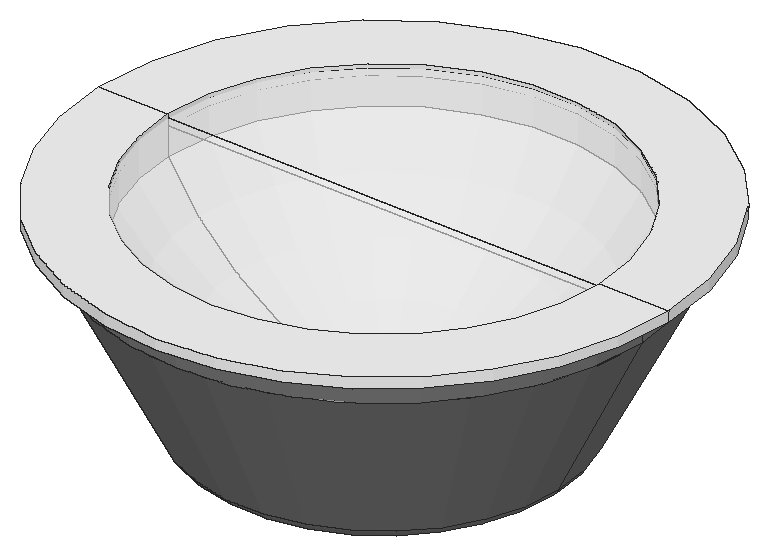
Revit family "30526", category Lighting Fixtures, host Face, Revit 2018
Family settings
  Host = Face
  Round Connector Dimension = Use Diameter
  Part Type = Normal
  OmniClass Number = 23.80.70.00
  OmniClass Title = Lighting
  Cut with Voids When Loaded = No
  Light Source = Yes
  Shared = No
  Room Calculation Point = No
Parameters (values of type "0030526 INSAVER SLIM UGR19 IP44 205 2100LM 930")
  WidthBezel_SYL = if(Size1_SYL, 20 mm, if(Size2_SYL, 20 mm, if(Size3PIR_SYL, 30 mm, if(Size4_SYL, 20 mm, 20 mm))))  # 20 mm
  Weight = "n/a"
  Wattage Comments = ""
  Wattage = 12 W
  WarrantyStartDate [instance] = "n/a"
  WarrantyGuarantorParts = "n/a"
  WarrantyDurationUnit = "n/a"
  WarrantyDurationParts = ""
  WarrantyDescription = "http://www.sylvania-lighting.com"
  built-in parameter 1150110 = 1 (stored number, unit not read)
  Voltage = 230 V
  VisibilityPIR_SYL = Size3PIR_SYL  # no
  URL = "0.9"
  TypeName = "Insaver Slim UGR19 IP44 205 2100lm 930"
  Type Image = <None>
  Type Comments = "n/a"
  built-in parameter 1114217 = 1 (stored number, unit not read)
  Tilt Angle = -90.00°
  built-in parameter 1150109 = 1 (stored number, unit not read)
  built-in parameter 1150134 = (empty or 0)
  built-in parameter 1150113 = 1 (stored number, unit not read)
  Size4_SYL = no
  Size3PIR_SYL = no
  Size2_SYL = no
  Size1_SYL = yes
  SerialNumber [instance] = "n/a"
  RadiusTop_SYL = 6 mm
  RadiusReflector_SYL = if(Size1_SYL, 85 mm, if(Size2_SYL, 85 mm, if(Size3PIR_SYL, 85 mm, if(Size4_SYL, 100 mm, 120 mm))))  # 85 mm
  Photometric Web File = "0030526.IES"
  Material_3_FEILO = Top-Sylvania-STARTDownlight
  PowerFactor = 0.9
  PowerConsumption = "Lighting"
  NominalLength = 165 mm
  NominalHeight = 50 mm
  NominalDepth = 165 mm
  Name = "Insaver Slim UGR19 IP44 205 2100lm 930"
  ModelReference = Name  # "Insaver Slim UGR19 IP44 205 2100lm 930"
  ModelNumber = "0030526"
  Model = Name  # "Insaver Slim UGR19 IP44 205 2100lm 930"
  Material = "Feilo Sylvania"
  ManufacturerName = "105 lm/W"
  Manufacturer = ""
  LuminousEfficacy = ""
  built-in parameter 1150105 = 31.446 (stored number, unit not read)
  Lumens = 395.16 lm
  LuminaireType = "0"
  built-in parameter 1150115 = 1 (stored number, unit not read)
  LightOutputRatio = "LED"
  built-in parameter 1150137 = (empty or 0)
  built-in parameter 1150139 = (empty or 0)
  LampsType = Lamp  # "n/a"
  LampNominalLuminous = "3000 K"
  LampMacAdamStep = "90"
  LampColourTemperature = "LED"
  LampColourRenderingIndex = "16500"
  built-in parameter 1150112 = 1 (stored number, unit not read)
  built-in parameter 1150114 = 1 (stored number, unit not read)
  Lamp = "n/a"
  Keynote = "n/a"
  InstallationDate [instance] = "n/a"
  InputVoltage = "0"
  InputNominalFrequency = "3000"
  built-in parameter 1150132 = (empty or 0)
  built-in parameter 1150102 = (empty or 0)
  built-in parameter 1150107 = 3000 (stored number, unit not read)
  built-in parameter 1150138 = (empty or 0)
  IngressProtection = "IfcLightFixtureType"
  ImpactProtectionIndex = "IfcLightFixtureType"
  built-in parameter 1150106 = 0.31446 (stored number, unit not read)
  IfcExportType = "IfcLightFixtureType"
  IfcExportAs = "Class II"
  Height_SYL = if(Size1_SYL, 61 mm, if(Size2_SYL, 61 mm, if(Size3PIR_SYL, 61 mm, if(Size4_SYL, 61 mm, 60 mm))))  # 61 mm
  HeightBezel_SYL = if(Size1_SYL, 3 mm, if(Size2_SYL, 3 mm, if(Size3PIR_SYL, 3 mm, if(Size4_SYL, 3.2 mm, 3 mm))))  # 3 mm
  ExpectedLife = 50000
  Emit from Circle Diameter = Diameter_SYL - 40 mm  # 125 mm
  Emit Shape Visible in Rendering = no
  ElectricShockClassification = "105"
  built-in parameter 1150104 = 3.0593 (stored number, unit not read)
  DurationUnit = "hours"
  DocumentationLiterature = "http://www.sylvania-lighting.com/product/en-int/products/0030526"
  DimmingControlOptions = "n/a"
  Material_2_FEILO = Diffuser-Sylvania-STARTDownlight
  Dimming Lamp Color Temperature Shift = <None>
  Diameter_SYL = if(Size1_SYL, 165 mm, if(Size2_SYL, 190 mm, if(Size3PIR_SYL, 211 mm, if(Size4_SYL, 220 mm, 240 mm))))  # 165 mm
  DiameterTop_SYL = if(Size1_SYL, 98 mm, if(Size2_SYL, 122 mm, if(Size3PIR_SYL, 120 mm, if(Size4_SYL, 135 mm, 158 mm))))  # 98 mm
  DiameterTopBase_SYL = DiameterRecess_SYL  # 150 mm
  DiameterRecess_SYL = if(Size1_SYL, 150 mm, if(Size2_SYL, 170 mm, if(Size3PIR_SYL, 186 mm, if(Size4_SYL, 200 mm, 225 mm))))  # 150 mm
  Description = "Insaver Slim is a ceiling recessed LED downlight (IP44 from the front),Die-cast aluminium body, loop in loop out connector for quick installation, Non dimmable LED driver, 20W; 2100lm; 105lm/W; CRI90; 3000K; UGR <19 with shallow product depth 60mm. Meets TP(a) requirements."
  Default Elevation = 1219.2 mm
  CreatedOn = "05/03/2024"
  CreatedBy = "@sylvania-lighting.com"
  Cost = 0
  Color Filter = 16777215
  built-in parameter 1114216 [instance] = (empty or 0)
  ClassificationValue = "EF_70_80"
  ClassificationName = "Uniclass2015"
  Material_1_FEILO = Trim-Sylvania-STARTDownlight-White
  BarCode [instance] = "n/a"
  built-in parameter 1114218 = 1 (stored number, unit not read)
  built-in parameter 1150133 = 10 (stored number, unit not read)
  AssetType = "Fixed"
  AssetIdentifier [instance] = "n/a"
  Assembly Code = "D5020200"
  Apparent Load = 20 VA
  Material_4_FEILO = LED-Sylvania-STARTDownlight
Reference planes
  plane 1 "Center (Front/Back)": y = 0
  plane 2: z = 0
  plane 3 "Center (Left/Right)": x = 0
  plane 4: x = 82.5
  plane 5: x = -82.5
  plane 6: z = 3
  plane 7: z = -8
  plane 8: z = -58
  plane 9: x = -75
  plane 10: x = 75
  plane 11: x = -49
  plane 12: x = 49
  plane 13: z = -85
  plane 14: x = -62.5
  plane 15: z = 2
  plane 16: z = -46
  plane 17: x = -16
  plane 18: x = -67.5
  plane 19: x = -81.5
  plane 20: x = -99.5
  plane 21: x = -76.5
  plane 22: z = 5.5
  plane 23: z = 8.7
  plane 24: x = -75.5
  plane 25: z = 13.7
Forms (mm)
  Revolve 1, void
    sketch origin (0, 0, 0) x (1, 0, 0) y (0, 0, 1)
      loop
        line (0, 0) -> (-75, 0) -> (-75, -85) -> (0, -85) -> (0, 0)
      axis (0, 0) -> (0, -85)
    angle from 360 to 0
  Revolve 2, solid, material "Trim-Sylvania-STARTDownlight-White" <- "Material_1_FEILO"
    sketch origin (0, 0, 0) x (1, 0, 0) y (0, 0, 1)
      loop
        line (-62.5, 3) -> (-82.5, 3) -> (-82.5, 0) -> (-75, 0) -> (-75, -8) -> (-50.681, -54.768)
        arc (-50.681, -54.768) -> (-48.471, -57.129) -> (-45.357, -58) r 6
        line (-45.357, -58) -> (0, -58) -> (0, -46) -> (-16, -46)
        arc (-16, -46) -> (-42.718, -31.243) -> (-62.5, -8) r 85
        line (-62.5, -8) -> (-62.5, 3)
      axis (0, 3) -> (0, -58)
    angle from 360 to 0
  Revolve 3, solid, material "Diffuser-Sylvania-STARTDownlight" <- "Material_2_FEILO"
    sketch origin (0, 0, 0) x (1, 0, 0) y (0, 0, 1)
      loop
        line (-62.5, 0) -> (0, 0) -> (0, 2) -> (-62.5, 2) -> (-62.5, 0)
      axis (0, 2) -> (0, 0)
    angle from 360 to 0
  Revolve 4, solid, material "Trim-Sylvania-STARTDownlight-White" <- "Material_1_FEILO", visible <- "VisibilityPIR_SYL"
    sketch origin (0, 0, 0) x (1, 0, 0) y (0, 0, 1)
      loop
        line (-67.5, 3) -> (-67.5, 13.7)
        arc (-67.5, 13.7) -> (-72.217, 12.347) -> (-75.5, 8.7) r 8.9
        line (-75.5, 8.7) -> (-75.5, 5.5) -> (-76.5, 5.5) -> (-76.5, 3) -> (-67.5, 3)
      axis (-67.5, 13.7) -> (-67.5, 3)
    angle from 360 to 0
Dimensions and locks
  equal spacing: plane 4, plane 3 "Center (Left/Right)", plane 5
  "Diameter_SYL": plane 4 to plane 5
  equal spacing: plane 10, plane 3 "Center (Left/Right)", plane 9
  equal spacing: plane 12, plane 3 "Center (Left/Right)", plane 11
  "DiameterTop_SYL": plane 12 to plane 11
  "HeightBezel_SYL": plane 6 to plane 2
  "Height_SYL": plane 6 to plane 8
  locked: plane 2 to plane 7 at 8
  locked: plane 2 to plane 13 at 85
  "WidthBezel_SYL": plane 14 to plane 5
  locked: plane 6 to plane 15 at 1
  "DiameterRecess_SYL": plane 10 to plane 9
  locked: plane 3 "Center (Left/Right)" to plane 17 at 16
  locked: plane 16 to plane 8 at 12
  locked: plane 18 to plane 21 at 9
  locked: plane 22 to plane 6 at 2.5
  locked: plane 23 to plane 22 at 3.2
  locked: plane 18 to plane 24 at 8
  locked: plane 25 to plane 23 at 5
  locked: plane 25 to Revolve 4 sketch curve at 8.9
  locked: plane 18 to plane 5 at 15
  "RadiusReflector_SYL": radius of Revolve 2 sketch curve
  "RadiusTop_SYL": radius of Revolve 2 sketch curve
  aligned and locked: plane 2 to host face
  aligned and locked: level to host face
  aligned and locked: Revolve 1 sketch curve to plane 3 "Center (Left/Right)"
  aligned and locked: plane 3 "Center (Left/Right)" to Revolve 1 sketch curve
  aligned and locked: Revolve 1 sketch curve to plane 9
  aligned and locked: plane 13 to Revolve 1 sketch curve
  aligned and locked: plane 3 "Center (Left/Right)" to imposter light
  aligned and locked: imposter light to plane 15
  aligned and locked: imposter light to plane 1 "Center (Front/Back)"
  aligned and locked: Revolve 2 sketch curve to plane 3 "Center (Left/Right)"
  aligned and locked: Revolve 2 sketch curve to plane 6
  aligned and locked: Revolve 2 sketch curve to plane 5
  aligned and locked: Revolve 2 sketch curve to level
  aligned and locked: plane 7 to Revolve 2 sketch curve  (x2)
  aligned and locked: Revolve 2 sketch curve to plane 9
  aligned and locked: plane 8 to Revolve 2 sketch curve
  aligned and locked: Revolve 2 sketch curve to plane 14
  aligned and locked: plane 3 "Center (Left/Right)" to Revolve 2 sketch curve
  aligned and locked: Revolve 2 sketch curve to plane 16
  aligned and locked: Revolve 3 sketch curve to plane 3 "Center (Left/Right)"
  aligned and locked: Revolve 3 sketch curve to level
  aligned and locked: imposter light to Revolve 3 sketch curve  (x2)
  aligned and locked: Revolve 4 sketch curve to plane 18  (x2)
  aligned and locked: Revolve 4 sketch curve to plane 6
  aligned and locked: plane 22 to Revolve 4 sketch curve
  aligned and locked: plane 24 to Revolve 4 sketch curve
  aligned and locked: Revolve 4 sketch curve to Revolve 4 sketch curve
  aligned and locked: plane 21 to Revolve 4 sketch curve
Automatic sketch dimensions
  host sketch curve to host sketch curve = 2438.4 mm  (x2)
  plane 13 to Revolve 1 sketch curve = 524.6 mm
  Revolve 1 sketch curve to plane 6 = 2606.058 mm
  Revolve 1 sketch curve to level = 0 mm
  Revolve 2 sketch curve to plane 17 = 0 mm
  Revolve 2 sketch curve to plane 11 = 1.681 mm
  plane 11 to Revolve 2 sketch curve = 3.643 mm
  plane 13 to Revolve 2 sketch curve = 524.6 mm
  Revolve 2 sketch curve to Revolve 2 sketch curve = 2577.983 mm
  Revolve 3 sketch curve to plane 14 = 0 mm
  plane 13 to Revolve 3 sketch curve = 524.6 mm
  Revolve 3 sketch curve to plane 6 = 2606.058 mm
  Revolve 4 sketch curve to plane 23 = 0 mm
  plane 13 to Revolve 4 sketch curve = 524.6 mm
  Revolve 4 sketch curve to Revolve 4 sketch curve = 2595.358 mm
Connectors
  electrical at (0, 0, 0), driven by "Apparent Load", driven by "PowerFactor", driven by "Voltage"
    settings: index 1, voltage 230 V, apparent load 20 VA, apparent load phase1 0 VA, apparent load phase2 0 VA, apparent load phase3 0 VA, power factor 0.9, load classification "Lighting", number of poles 1, system type 30, power factor state 1, is connector primary yes, connector utility no, sub classification motor no, connector description ""
